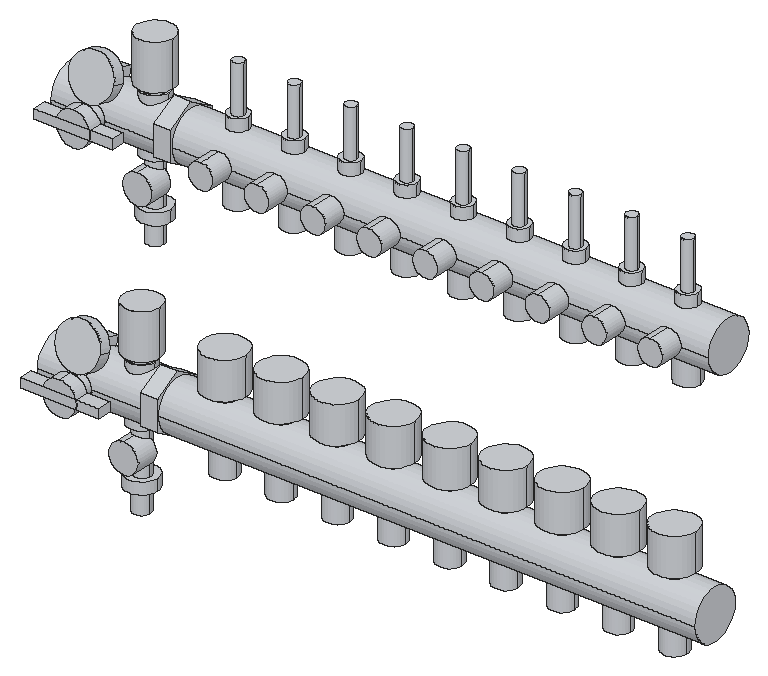
Revit family "318_f16c880827e94962872f661bd91b43", category Pipe Accessories, Revit 2017
Family settings
  Round Connector Dimension = Use Diameter
  Part Type = Valve - Normal
  Work Plane-Based = No
  Always vertical = Yes
  Cut with Voids When Loaded = No
  Shared = No
Parameters (values of type "R553FK109")
  magi_piping_qv_2_9 [instance] = 0.0 L/s
  magi_piping_qv_2_8 [instance] = 0.0 L/s
  magi_piping_qv_2_7 [instance] = 0.0 L/s
  magi_piping_qv_2_6 [instance] = 0.0 L/s
  magi_piping_qv_2_5 [instance] = 0.0 L/s
  magi_piping_qv_2_4 [instance] = 0.0 L/s
  magi_piping_qv_2_3 [instance] = 0.0 L/s
  magi_piping_qv_2_2 [instance] = 0.0 L/s
  magi_piping_qv_2_1 [instance] = 0.0 L/s
  magi_piping_qv_1_9 [instance] = 0.0 L/s
  magi_piping_qv_1_8 [instance] = 0.0 L/s
  magi_piping_qv_1_7 [instance] = 0.0 L/s
  magi_piping_qv_1_6 [instance] = 0.0 L/s
  magi_piping_qv_1_5 [instance] = 0.0 L/s
  magi_piping_qv_1_4 [instance] = 0.0 L/s
  magi_piping_qv_1_3 [instance] = 0.0 L/s
  magi_piping_qv_1_2 [instance] = 0.0 L/s
  magi_piping_qv_1_1 [instance] = 0.0 L/s
  magi_piping_qv [instance] = 0.0 L/s
  magi_piping_power_9 [instance] = 0 W
  magi_piping_power_8 [instance] = 0 W
  magi_piping_power_7 [instance] = 0 W
  magi_piping_power_6 [instance] = 0 W
  magi_piping_power_5 [instance] = 0 W
  magi_piping_power_4 [instance] = 0 W
  magi_piping_power_3 [instance] = 0 W
  magi_piping_power_2 [instance] = 0 W
  magi_piping_power_1 [instance] = 0 W
  magi_piping_kv_9 [instance] = 0
  magi_piping_kv_8 [instance] = 0
  magi_piping_kv_7 [instance] = 0
  magi_piping_kv_6 [instance] = 0
  magi_piping_kv_5 [instance] = 0
  magi_piping_kv_4 [instance] = 0
  magi_piping_kv_3 [instance] = 0
  magi_piping_kv_2 [instance] = 0
  magi_piping_kv_1 [instance] = 0
  magi_piping_dpTot_9 [instance] = 0.0 Pa
  magi_piping_dpTot_8 [instance] = 0.0 Pa
  magi_piping_dpTot_7 [instance] = 0.0 Pa
  magi_piping_dpTot_6 [instance] = 0.0 Pa
  magi_piping_dpTot_5 [instance] = 0.0 Pa
  magi_piping_dpTot_4 [instance] = 0.0 Pa
  magi_piping_dpTot_3 [instance] = 0.0 Pa
  magi_piping_dpTot_2 [instance] = 0.0 Pa
  magi_piping_dpTot_1 [instance] = 0.0 Pa
  magi_adjustmentValue_9 [instance] = ""
  magi_adjustmentValue_8 [instance] = ""
  magi_adjustmentValue_7 [instance] = ""
  magi_adjustmentValue_6 [instance] = ""
  magi_adjustmentValue_5 [instance] = ""
  magi_adjustmentValue_4 [instance] = ""
  magi_adjustmentValue_3 [instance] = ""
  magi_adjustmentValue_2 [instance] = ""
  magi_adjustmentValue_1 [instance] = ""
  magiProductId = "f16c880827e94962872f661bd91b43"
  magiProductFamilyId = "f16c880827e94962872f661bd91b43"
  magiProductCode = "R553FK109"
  magiPartTypeId = 318
  Y = 15 mm
  VersionID = "2.0/2016.10.37.0/GIACOMINI_R553FK_001"
  URL = "http://www.giacomini.com/en"
  SMP = 25 mm
  SBP9 = 18 mm
  SBP8 = 18 mm
  SBP7 = 18 mm
  SBP6 = 18 mm
  SBP5 = 18 mm
  SBP4 = 18 mm
  SBP3 = 18 mm
  SBP2 = 18 mm
  SBP12 = 18 mm
  SBP11 = 18 mm
  SBP10 = 18 mm
  SBP1 = 18 mm
  RMP = 25 mm
  RBP9 = 18 mm
  RBP8 = 18 mm
  RBP7 = 18 mm
  RBP6 = 18 mm
  RBP5 = 18 mm
  RBP4 = 18 mm
  RBP3 = 18 mm
  RBP2 = 18 mm
  RBP12 = 18 mm
  RBP11 = 18 mm
  RBP10 = 18 mm
  RBP1 = 18 mm
  R2 = 22 mm
  QmdConnectorList = "321;SMP;322;SBP1;323;SBP2;324;SBP3;325;SBP4;326;SBP5;327;SBP6;328;SBP7;329;SBP8;330;SBP9;351;RMP;352;RBP1;353;RBP2;354;RBP3;355;RBP4;356;RBP5;357;RBP6;358;RBP7;359;RBP8;360;RBP9"
  Productdata [instance] = "© Progman Oy, all rights reserved"
  N9 = yes
  N8 = yes
  N7 = yes
  N6 = yes
  N5 = yes
  N4 = yes
  N3 = yes
  N12 = no
  N11 = no
  N10 = no
  Manufacturer = "Giacomini"
  MC_Default_elevation = 0 mm
  L = 585 mm
  I = 50 mm
  H5 = 33 mm
  H4 = 5 mm
  H3__ve = -H3  # -40 mm
  H3 = 40 mm
  H2__ve = -H2  # -20 mm
  H2 = 20 mm
  H12 = 42 mm
  H11 = 10 mm
  Flow supply main [instance] = Flow supply 1 + Flow supply 2 + Flow supply 3 + Flow supply 4 + Flow supply 5 + Flow supply 6 + Flow supply 7 + Flow supply 8 + Flow supply 9  # 0.0 L/s
  Flow supply 9 [instance] = 0.0 L/s
  Flow supply 8 [instance] = 0.0 L/s
  Flow supply 7 [instance] = 0.0 L/s
  Flow supply 6 [instance] = 0.0 L/s
  Flow supply 5 [instance] = 0.0 L/s
  Flow supply 4 [instance] = 0.0 L/s
  Flow supply 3 [instance] = 0.0 L/s
  Flow supply 2 [instance] = 0.0 L/s
  Flow supply 1 [instance] = 0.0 L/s
  Flow return main [instance] = Flow return 1 + Flow return 2 + Flow return 3 + Flow return 4 + Flow return 5 + Flow return 6 + Flow return 7 + Flow return 8 + Flow return 9  # 0.0 L/s
  Flow return 9 [instance] = 0.0 L/s
  Flow return 8 [instance] = 0.0 L/s
  Flow return 7 [instance] = 0.0 L/s
  Flow return 6 [instance] = 0.0 L/s
  Flow return 5 [instance] = 0.0 L/s
  Flow return 4 [instance] = 0.0 L/s
  Flow return 3 [instance] = 0.0 L/s
  Flow return 2 [instance] = 0.0 L/s
  Flow return 1 [instance] = 0.0 L/s
  E = 208 mm
  Description = "PREASSEMBLED MANIFOLD KIT WITH FLOW METERS"
  D5 = 38 mm
  D4 = 22 mm
  D32 = 10 mm
  D31 = 18 mm
  D2 = 44 mm
  CAT0 = yes
  A = 149 mm
Reference planes
  plane 1 "Center (Front/Back)": y = 0
  plane 2 "XYPLANE": z = 0
  plane 3 "Center (Left/Right)": x = 0
  plane 4 "INIT_TEMP": y = 100
  plane 5 "414": y = -48
  plane 6 "413": z = -178
  plane 7 "412": y = -30
  plane 8 "411": z = -178
  plane 9 "410": z = -274
  plane 10 "409": z = -254
  plane 11 "408": z = -234
  plane 12 "407": z = -177
  plane 13 "406": z = -182
  plane 14 "405": y = -15
  plane 15 "404": z = 30
  plane 16 "403": y = -33
  plane 17 "402": x = 38
  plane 18 "401": z = 30
  plane 19 "400": z = -66
  plane 20 "399": z = -46
  plane 21 "398": z = -26
  plane 22 "397": z = 31
  plane 23 "396": x = 92
  plane 24 "395": z = 26
  plane 25 "394": x = 75
  plane 26 "393": z = -248
  plane 27 "392": z = -181
  plane 28 "391": z = -186
  plane 29 "390": z = -40
  plane 30 "389": x = 0
  plane 31 "388": y = 0
  plane 32 "387": y = -15
  plane 33 "386": z = -208
  plane 34 "385": z = 0
  plane 35 "384": z = 22
  plane 36 "383": x = 149
  plane 37 "382": x = 199
  plane 38 "381": y = -22
  plane 39 "380": x = 249
  plane 40 "379": z = 32
  plane 41 "378": x = 299
  plane 42 "377": x = 349
  plane 43 "376": x = 399
  plane 44 "375": x = 449
  plane 45 "374": x = 499
  plane 46 "373": x = 549
  plane 47 "372": x = 599
  plane 48 "371": x = 649
  plane 49 "370": x = 699
  plane 50 "1126": through (-712, -15, -178) normal (0, -0.2588, -0.9659)
  plane 51 "1127": through (-712, -30, -178) normal (0, 0.9659, -0.2588)
  plane 52 "1128": through (-712, -15, 30) normal (0, -0.9659, 0.2588)
  plane 53 "1129": through (-712, 0, 30) normal (0, 0.2588, 0.9659)
Forms (mm)
  Extrusion 1, solid
    sketch origin (750, -48, 0) x (-1, 0, 0) y (0, 0, 1)
      loop
        circle (712, -208) r 15
    from 0 to -12
  Extrusion 2, solid
    sketch origin (-712, -15, -178) x (1, 0, 0) y (0, -0.965926, 0.258819)
      loop
        line (746, -15) -> (754, -15) -> (754, 15) -> (746, 15) -> (746, -15)
    from 0 to 18
  Extrusion 3, solid
    sketch origin (750, -15, 0) x (-1, 0, 0) y (0, 0, 1)
      loop
        circle (712, -208) r 9
    from 0 to -33
  Extrusion 4, solid
    sketch origin (750, -48, 0) x (-1, 0, 0) y (0, 0, 1)
      loop
        line (677, -204) -> (677, -212) -> (747, -212) -> (747, -204) -> (677, -204)
    from 0 to -12
  Extrusion 5, solid
    sketch origin (-712, -30, -178) x (1, 0, 0) y (0, -0.258819, -0.965926)
      loop
        circle (750, 0) r 20
    from 0 to -10
  Extrusion 6, solid
    sketch origin (-750, 0, -182) x (1, 0, 0) y (0, 1, 0)
      loop
        circle (825, -15) r 12
    from 0 to -52
  Extrusion 7, solid
    sketch origin (92, -750, 0) x (0, 1, 0) y (0, 0, 1)
      loop
        line (735, -182) -> (712.483, -195) -> (712.483, -221) -> (735, -234) -> (757.517, -221) -> (757.517, -195) -> (735, -182)
    from 0 to 15
  Extrusion 8, solid
    sketch origin (-750, 0, -182) x (1, 0, 0) y (0, 1, 0)
      loop
        circle (825, -15) r 10
    from 0 to 5
  Extrusion 9, solid
    sketch origin (-750, 0, -177) x (1, 0, 0) y (0, 1, 0)
      loop
        circle (825, -15) r 16
    from 0 to 40
  Extrusion 10, solid
    sketch origin (-750, 0, -234) x (1, 0, 0) y (0, 1, 0)
      loop
        circle (825, -15) r 7.5
    from 0 to -70
  Extrusion 11, solid
    sketch origin (750, -15, 0) x (-1, 0, 0) y (0, 0, 1)
      loop
        circle (675, -254) r 13
    from 0 to -20
  Extrusion 12, solid
    sketch origin (-750, 0, -274) x (1, 0, 0) y (0, 1, 0)
      loop
        circle (825, -15) r 14
    from 0 to -10
  Extrusion 13, solid
    sketch origin (-712, -15, 30) x (1, 0, 0) y (0, 0.258819, 0.965926)
      loop
        circle (750, 0) r 20
    from 0 to 10
  Extrusion 14, solid
    sketch origin (750, -33, 0) x (-1, 0, 0) y (0, 0, 1)
      loop
        line (677, 4) -> (677, -4) -> (747, -4) -> (747, 4) -> (677, 4)
    from 0 to -12
  Extrusion 15, solid
    sketch origin (750, 0, 0) x (-1, 0, 0) y (0, 0, 1)
      loop
        circle (712, 0) r 9
    from 0 to -33
  Extrusion 16, solid
    sketch origin (-712, 0, 30) x (1, 0, 0) y (0, 0.965926, -0.258819)
      loop
        line (746, 15) -> (746, -15) -> (754, -15) -> (754, 15) -> (746, 15)
    from 0 to -18
  Extrusion 17, solid
    sketch origin (750, -33, 0) x (-1, 0, 0) y (0, 0, 1)
      loop
        circle (712, 0) r 15
    from 0 to -12
  Extrusion 18, solid
    sketch origin (-750, 0, -66) x (1, 0, 0) y (0, 1, 0)
      loop
        circle (825, 0) r 14
    from 0 to -10
  Extrusion 19, solid
    sketch origin (750, 0, 0) x (-1, 0, 0) y (0, 0, 1)
      loop
        circle (675, -46) r 13
    from 0 to -20
  Extrusion 20, solid
    sketch origin (-750, 0, -26) x (1, 0, 0) y (0, 1, 0)
      loop
        circle (825, 0) r 7.5
    from 0 to -70
  Extrusion 21, solid
    sketch origin (-750, 0, 31) x (1, 0, 0) y (0, 1, 0)
      loop
        circle (825, 0) r 16
    from 0 to 40
  Extrusion 22, solid
    sketch origin (-750, 0, 26) x (1, 0, 0) y (0, 1, 0)
      loop
        circle (825, 0) r 10
    from 0 to 5
  Extrusion 23, solid
    sketch origin (92, -750, 0) x (0, 1, 0) y (0, 0, 1)
      loop
        line (750, 26) -> (727.483, 13) -> (727.483, -13) -> (750, -26) -> (772.517, -13) -> (772.517, 13) -> (750, 26)
    from 0 to 15
  Extrusion 24, solid
    sketch origin (-750, 0, 26) x (1, 0, 0) y (0, 1, 0)
      loop
        circle (825, 0) r 12
    from 0 to -52
  Extrusion 25, solid, visible <- "N10"
    sketch origin (-750, 0, -208) x (1, 0, 0) y (0, 1, 0)
      loop
        circle (1349, -15) r 11
    from 0 to -40 <- "H3__ve"
  Extrusion 26, solid, visible <- "N10"
    sketch origin (-750, 0, -186) x (1, 0, 0) y (0, 1, 0)
      loop
        circle (1349, -15) r 11
    from 0 to 5 <- "H4"
  Extrusion 27, solid, visible <- "N10"
    sketch origin (-750, 0, -181) x (1, 0, 0) y (0, 1, 0)
      loop
        circle (1349, -15) r 19
    from 0 to 33 <- "H5"
  Extrusion 28, solid, visible <- "N12"
    sketch origin (-750, 0, -181) x (1, 0, 0) y (0, 1, 0)
      loop
        circle (1449, -15) r 19
    from 0 to 33 <- "H5"
  Extrusion 29, solid, visible <- "N12"
    sketch origin (-750, 0, -186) x (1, 0, 0) y (0, 1, 0)
      loop
        circle (1449, -15) r 11
    from 0 to 5 <- "H4"
  Extrusion 30, solid, visible <- "N12"
    sketch origin (-750, 0, -208) x (1, 0, 0) y (0, 1, 0)
      loop
        circle (1449, -15) r 11
    from 0 to -40 <- "H3__ve"
  Extrusion 31, solid, visible <- "N11"
    sketch origin (-750, 0, -208) x (1, 0, 0) y (0, 1, 0)
      loop
        circle (1399, -15) r 11
    from 0 to -40 <- "H3__ve"
  Extrusion 32, solid, visible <- "N11"
    sketch origin (-750, 0, -186) x (1, 0, 0) y (0, 1, 0)
      loop
        circle (1399, -15) r 11
    from 0 to 5 <- "H4"
  Extrusion 33, solid, visible <- "N11"
    sketch origin (-750, 0, -181) x (1, 0, 0) y (0, 1, 0)
      loop
        circle (1399, -15) r 19
    from 0 to 33 <- "H5"
  Extrusion 34, solid, visible <- "N8"
    sketch origin (-750, 0, -181) x (1, 0, 0) y (0, 1, 0)
      loop
        circle (1249, -15) r 19
    from 0 to 33 <- "H5"
  Extrusion 35, solid, visible <- "N8"
    sketch origin (-750, 0, -186) x (1, 0, 0) y (0, 1, 0)
      loop
        circle (1249, -15) r 11
    from 0 to 5 <- "H4"
  Extrusion 36, solid, visible <- "N8"
    sketch origin (-750, 0, -208) x (1, 0, 0) y (0, 1, 0)
      loop
        circle (1249, -15) r 11
    from 0 to -40 <- "H3__ve"
  Extrusion 37, solid, visible <- "N9"
    sketch origin (-750, 0, -208) x (1, 0, 0) y (0, 1, 0)
      loop
        circle (1299, -15) r 11
    from 0 to -40 <- "H3__ve"
  Extrusion 38, solid, visible <- "N9"
    sketch origin (-750, 0, -186) x (1, 0, 0) y (0, 1, 0)
      loop
        circle (1299, -15) r 11
    from 0 to 5 <- "H4"
  Extrusion 39, solid, visible <- "N9"
    sketch origin (-750, 0, -181) x (1, 0, 0) y (0, 1, 0)
      loop
        circle (1299, -15) r 19
    from 0 to 33 <- "H5"
  Extrusion 40, solid, visible <- "N7"
    sketch origin (-750, 0, -181) x (1, 0, 0) y (0, 1, 0)
      loop
        circle (1199, -15) r 19
    from 0 to 33 <- "H5"
  Extrusion 41, solid, visible <- "N7"
    sketch origin (-750, 0, -186) x (1, 0, 0) y (0, 1, 0)
      loop
        circle (1199, -15) r 11
    from 0 to 5 <- "H4"
  Extrusion 42, solid, visible <- "N7"
    sketch origin (-750, 0, -208) x (1, 0, 0) y (0, 1, 0)
      loop
        circle (1199, -15) r 11
    from 0 to -40 <- "H3__ve"
  Extrusion 43, solid, visible <- "N6"
    sketch origin (-750, 0, -208) x (1, 0, 0) y (0, 1, 0)
      loop
        circle (1149, -15) r 11
    from 0 to -40 <- "H3__ve"
  Extrusion 44, solid, visible <- "N6"
    sketch origin (-750, 0, -186) x (1, 0, 0) y (0, 1, 0)
      loop
        circle (1149, -15) r 11
    from 0 to 5 <- "H4"
  Extrusion 45, solid, visible <- "N6"
    sketch origin (-750, 0, -181) x (1, 0, 0) y (0, 1, 0)
      loop
        circle (1149, -15) r 19
    from 0 to 33 <- "H5"
  Extrusion 46, solid, visible <- "N5"
    sketch origin (-750, 0, -181) x (1, 0, 0) y (0, 1, 0)
      loop
        circle (1099, -15) r 19
    from 0 to 33 <- "H5"
  Extrusion 47, solid, visible <- "N5"
    sketch origin (-750, 0, -186) x (1, 0, 0) y (0, 1, 0)
      loop
        circle (1099, -15) r 11
    from 0 to 5 <- "H4"
  Extrusion 48, solid, visible <- "N5"
    sketch origin (-750, 0, -208) x (1, 0, 0) y (0, 1, 0)
      loop
        circle (1099, -15) r 11
    from 0 to -40 <- "H3__ve"
  Extrusion 49, solid, visible <- "N4"
    sketch origin (-750, 0, -208) x (1, 0, 0) y (0, 1, 0)
      loop
        circle (1049, -15) r 11
    from 0 to -40 <- "H3__ve"
  Extrusion 50, solid, visible <- "N4"
    sketch origin (-750, 0, -186) x (1, 0, 0) y (0, 1, 0)
      loop
        circle (1049, -15) r 11
    from 0 to 5 <- "H4"
  Extrusion 51, solid, visible <- "N4"
    sketch origin (-750, 0, -181) x (1, 0, 0) y (0, 1, 0)
      loop
        circle (1049, -15) r 19
    from 0 to 33 <- "H5"
  Extrusion 52, solid, visible <- "N3"
    sketch origin (-750, 0, -181) x (1, 0, 0) y (0, 1, 0)
      loop
        circle (999, -15) r 19
    from 0 to 33 <- "H5"
  Extrusion 53, solid, visible <- "N3"
    sketch origin (-750, 0, -186) x (1, 0, 0) y (0, 1, 0)
      loop
        circle (999, -15) r 11
    from 0 to 5 <- "H4"
  Extrusion 54, solid
    sketch origin (-750, 0, -186) x (1, 0, 0) y (0, 1, 0)
      loop
        circle (949, -15) r 11
    from 0 to 5 <- "H4"
  Extrusion 55, solid
    sketch origin (-750, 0, -181) x (1, 0, 0) y (0, 1, 0)
      loop
        circle (949, -15) r 19
    from 0 to 33 <- "H5"
  Extrusion 56, solid
    sketch origin (-750, 0, -181) x (1, 0, 0) y (0, 1, 0)
      loop
        circle (899, -15) r 19
    from 0 to 33 <- "H5"
  Extrusion 57, solid
    sketch origin (-750, 0, -186) x (1, 0, 0) y (0, 1, 0)
      loop
        circle (899, -15) r 11
    from 0 to 5 <- "H4"
  Extrusion 58, solid, visible <- "N3"
    sketch origin (-750, 0, -208) x (1, 0, 0) y (0, 1, 0)
      loop
        circle (999, -15) r 11
    from 0 to -40 <- "H3__ve"
  Extrusion 59, solid
    sketch origin (-750, 0, -208) x (1, 0, 0) y (0, 1, 0)
      loop
        circle (899, -15) r 11
    from 0 to -40 <- "H3__ve"
  Extrusion 60, solid
    sketch origin (-750, 0, -208) x (1, 0, 0) y (0, 1, 0)
      loop
        circle (949, -15) r 11
    from 0 to -40 <- "H3__ve"
  Extrusion 61, solid, visible <- "CAT0"
    sketch origin (0, -750, 0) x (0, 1, 0) y (0, 0, 1)
      loop
        circle (735, -208) r 22
    from 0 to 585 <- "L"
  Extrusion 62, solid, visible <- "N8"
    sketch origin (-750, 0, 0) x (1, 0, 0) y (0, 1, 0)
      loop
        circle (1249, 0) r 11
    from 0 to -40 <- "H3__ve"
  Extrusion 63, solid, visible <- "N9"
    sketch origin (-750, 0, 0) x (1, 0, 0) y (0, 1, 0)
      loop
        circle (1299, 0) r 11
    from 0 to -40 <- "H3__ve"
  Extrusion 64, solid, visible <- "N10"
    sketch origin (-750, 0, 0) x (1, 0, 0) y (0, 1, 0)
      loop
        circle (1349, 0) r 11
    from 0 to -40 <- "H3__ve"
  Extrusion 65, solid, visible <- "N11"
    sketch origin (-750, 0, 0) x (1, 0, 0) y (0, 1, 0)
      loop
        circle (1399, 0) r 11
    from 0 to -40 <- "H3__ve"
  Extrusion 66, solid, visible <- "N12"
    sketch origin (-750, 0, 0) x (1, 0, 0) y (0, 1, 0)
      loop
        circle (1449, 0) r 11
    from 0 to -40 <- "H3__ve"
  Extrusion 67, solid, visible <- "N7"
    sketch origin (-750, 0, 0) x (1, 0, 0) y (0, 1, 0)
      loop
        circle (1199, 0) r 11
    from 0 to -40 <- "H3__ve"
  Extrusion 68, solid, visible <- "N6"
    sketch origin (-750, 0, 0) x (1, 0, 0) y (0, 1, 0)
      loop
        circle (1149, 0) r 11
    from 0 to -40 <- "H3__ve"
  Extrusion 69, solid, visible <- "N5"
    sketch origin (-750, 0, 0) x (1, 0, 0) y (0, 1, 0)
      loop
        circle (1099, 0) r 11
    from 0 to -40 <- "H3__ve"
  Extrusion 70, solid, visible <- "N4"
    sketch origin (-750, 0, 0) x (1, 0, 0) y (0, 1, 0)
      loop
        circle (1049, 0) r 11
    from 0 to -40 <- "H3__ve"
  Extrusion 71, solid, visible <- "N3"
    sketch origin (-750, 0, 0) x (1, 0, 0) y (0, 1, 0)
      loop
        circle (999, 0) r 11
    from 0 to -40 <- "H3__ve"
  Extrusion 72, solid
    sketch origin (-750, 0, 0) x (1, 0, 0) y (0, 1, 0)
      loop
        circle (949, 0) r 11
    from 0 to -40 <- "H3__ve"
  Extrusion 73, solid
    sketch origin (-750, 0, 0) x (1, 0, 0) y (0, 1, 0)
      loop
        circle (899, 0) r 11
    from 0 to -40 <- "H3__ve"
  Extrusion 74, solid, visible <- "CAT0"
    sketch origin (0, -750, 0) x (0, 1, 0) y (0, 0, 1)
      loop
        circle (750, 0) r 22
    from 0 to 585 <- "L"
  Extrusion 75, solid
    sketch origin (-750, 0, 22) x (1, 0, 0) y (0, 1, 0)
      loop
        circle (899, 0) r 9
    from 0 to 10 <- "H11"
  Extrusion 76, solid
    sketch origin (750, -22, 0) x (-1, 0, 0) y (0, 0, 1)
      loop
        circle (601, 0) r 11
    from 0 to -20 <- "H2__ve"
  Extrusion 77, solid
    sketch origin (750, -22, 0) x (-1, 0, 0) y (0, 0, 1)
      loop
        circle (551, 0) r 11
    from 0 to -20 <- "H2__ve"
  Extrusion 78, solid, visible <- "N3"
    sketch origin (750, -22, 0) x (-1, 0, 0) y (0, 0, 1)
      loop
        circle (501, 0) r 11
    from 0 to -20 <- "H2__ve"
  Extrusion 79, solid
    sketch origin (-750, 0, 32) x (1, 0, 0) y (0, 1, 0)
      loop
        circle (899, 0) r 5
    from 0 to 42 <- "H12"
  Extrusion 80, solid
    sketch origin (-750, 0, 32) x (1, 0, 0) y (0, 1, 0)
      loop
        circle (949, 0) r 5
    from 0 to 42 <- "H12"
  Extrusion 81, solid
    sketch origin (-750, 0, 22) x (1, 0, 0) y (0, 1, 0)
      loop
        circle (949, 0) r 9
    from 0 to 10 <- "H11"
  Extrusion 82, solid, visible <- "N3"
    sketch origin (-750, 0, 22) x (1, 0, 0) y (0, 1, 0)
      loop
        circle (999, 0) r 9
    from 0 to 10 <- "H11"
  Extrusion 83, solid, visible <- "N3"
    sketch origin (-750, 0, 32) x (1, 0, 0) y (0, 1, 0)
      loop
        circle (999, 0) r 5
    from 0 to 42 <- "H12"
  Extrusion 84, solid, visible <- "N4"
    sketch origin (-750, 0, 32) x (1, 0, 0) y (0, 1, 0)
      loop
        circle (1049, 0) r 5
    from 0 to 42 <- "H12"
  Extrusion 85, solid, visible <- "N4"
    sketch origin (-750, 0, 22) x (1, 0, 0) y (0, 1, 0)
      loop
        circle (1049, 0) r 9
    from 0 to 10 <- "H11"
  Extrusion 86, solid, visible <- "N4"
    sketch origin (750, -22, 0) x (-1, 0, 0) y (0, 0, 1)
      loop
        circle (451, 0) r 11
    from 0 to -20 <- "H2__ve"
  Extrusion 87, solid, visible <- "N5"
    sketch origin (750, -22, 0) x (-1, 0, 0) y (0, 0, 1)
      loop
        circle (401, 0) r 11
    from 0 to -20 <- "H2__ve"
  Extrusion 88, solid, visible <- "N5"
    sketch origin (-750, 0, 22) x (1, 0, 0) y (0, 1, 0)
      loop
        circle (1099, 0) r 9
    from 0 to 10 <- "H11"
  Extrusion 89, solid, visible <- "N5"
    sketch origin (-750, 0, 32) x (1, 0, 0) y (0, 1, 0)
      loop
        circle (1099, 0) r 5
    from 0 to 42 <- "H12"
  Extrusion 90, solid, visible <- "N6"
    sketch origin (-750, 0, 32) x (1, 0, 0) y (0, 1, 0)
      loop
        circle (1149, 0) r 5
    from 0 to 42 <- "H12"
  Extrusion 91, solid, visible <- "N6"
    sketch origin (-750, 0, 22) x (1, 0, 0) y (0, 1, 0)
      loop
        circle (1149, 0) r 9
    from 0 to 10 <- "H11"
  Extrusion 92, solid, visible <- "N6"
    sketch origin (750, -22, 0) x (-1, 0, 0) y (0, 0, 1)
      loop
        circle (351, 0) r 11
    from 0 to -20 <- "H2__ve"
  Extrusion 93, solid, visible <- "N7"
    sketch origin (750, -22, 0) x (-1, 0, 0) y (0, 0, 1)
      loop
        circle (301, 0) r 11
    from 0 to -20 <- "H2__ve"
  Extrusion 94, solid, visible <- "N7"
    sketch origin (-750, 0, 22) x (1, 0, 0) y (0, 1, 0)
      loop
        circle (1199, 0) r 9
    from 0 to 10 <- "H11"
  Extrusion 95, solid, visible <- "N7"
    sketch origin (-750, 0, 32) x (1, 0, 0) y (0, 1, 0)
      loop
        circle (1199, 0) r 5
    from 0 to 42 <- "H12"
  Extrusion 96, solid, visible <- "N8"
    sketch origin (-750, 0, 32) x (1, 0, 0) y (0, 1, 0)
      loop
        circle (1249, 0) r 5
    from 0 to 42 <- "H12"
  Extrusion 97, solid, visible <- "N8"
    sketch origin (-750, 0, 22) x (1, 0, 0) y (0, 1, 0)
      loop
        circle (1249, 0) r 9
    from 0 to 10 <- "H11"
  Extrusion 98, solid, visible <- "N8"
    sketch origin (750, -22, 0) x (-1, 0, 0) y (0, 0, 1)
      loop
        circle (251, 0) r 11
    from 0 to -20 <- "H2__ve"
  Extrusion 99, solid, visible <- "N10"
    sketch origin (750, -22, 0) x (-1, 0, 0) y (0, 0, 1)
      loop
        circle (151, 0) r 11
    from 0 to -20 <- "H2__ve"
  Extrusion 100, solid, visible <- "N10"
    sketch origin (-750, 0, 22) x (1, 0, 0) y (0, 1, 0)
      loop
        circle (1349, 0) r 9
    from 0 to 10 <- "H11"
  Extrusion 101, solid, visible <- "N10"
    sketch origin (-750, 0, 32) x (1, 0, 0) y (0, 1, 0)
      loop
        circle (1349, 0) r 5
    from 0 to 42 <- "H12"
  Extrusion 102, solid, visible <- "N9"
    sketch origin (-750, 0, 32) x (1, 0, 0) y (0, 1, 0)
      loop
        circle (1299, 0) r 5
    from 0 to 42 <- "H12"
  Extrusion 103, solid, visible <- "N9"
    sketch origin (-750, 0, 22) x (1, 0, 0) y (0, 1, 0)
      loop
        circle (1299, 0) r 9
    from 0 to 10 <- "H11"
  Extrusion 104, solid, visible <- "N9"
    sketch origin (750, -22, 0) x (-1, 0, 0) y (0, 0, 1)
      loop
        circle (201, 0) r 11
    from 0 to -20 <- "H2__ve"
  Extrusion 105, solid, visible <- "N11"
    sketch origin (-750, 0, 32) x (1, 0, 0) y (0, 1, 0)
      loop
        circle (1399, 0) r 5
    from 0 to 42 <- "H12"
  Extrusion 106, solid, visible <- "N11"
    sketch origin (-750, 0, 22) x (1, 0, 0) y (0, 1, 0)
      loop
        circle (1399, 0) r 9
    from 0 to 10 <- "H11"
  Extrusion 107, solid, visible <- "N11"
    sketch origin (750, -22, 0) x (-1, 0, 0) y (0, 0, 1)
      loop
        circle (101, 0) r 11
    from 0 to -20 <- "H2__ve"
  Extrusion 108, solid, visible <- "N12"
    sketch origin (750, -22, 0) x (-1, 0, 0) y (0, 0, 1)
      loop
        circle (51, 0) r 11
    from 0 to -20 <- "H2__ve"
  Extrusion 109, solid, visible <- "N12"
    sketch origin (-750, 0, 22) x (1, 0, 0) y (0, 1, 0)
      loop
        circle (1449, 0) r 9
    from 0 to 10 <- "H11"
  Extrusion 110, solid, visible <- "N12"
    sketch origin (-750, 0, 32) x (1, 0, 0) y (0, 1, 0)
      loop
        circle (1449, 0) r 5
    from 0 to 42 <- "H12"
  Extrusion 111, solid, not visible
    sketch origin (-750, 0, -248) x (1, 0, 0) y (0, 1, 0)
      loop
        circle (1249, -15) r 10
    from 0 to 10
  Extrusion 112, solid, not visible
    sketch origin (-750, 0, -248) x (1, 0, 0) y (0, 1, 0)
      loop
        circle (1299, -15) r 10
    from 0 to 10
  Extrusion 113, solid, not visible
    sketch origin (-750, 0, -248) x (1, 0, 0) y (0, 1, 0)
      loop
        circle (1199, -15) r 10
    from 0 to 10
  Extrusion 114, solid, not visible
    sketch origin (-750, 0, -248) x (1, 0, 0) y (0, 1, 0)
      loop
        circle (1149, -15) r 10
    from 0 to 10
  Extrusion 115, solid, not visible
    sketch origin (-750, 0, -248) x (1, 0, 0) y (0, 1, 0)
      loop
        circle (1099, -15) r 10
    from 0 to 10
  Extrusion 116, solid, not visible
    sketch origin (-750, 0, -248) x (1, 0, 0) y (0, 1, 0)
      loop
        circle (1049, -15) r 10
    from 0 to 10
  Extrusion 117, solid, not visible
    sketch origin (-750, 0, -248) x (1, 0, 0) y (0, 1, 0)
      loop
        circle (949, -15) r 10
    from 0 to 10
  Extrusion 118, solid, not visible
    sketch origin (-750, 0, -248) x (1, 0, 0) y (0, 1, 0)
      loop
        circle (899, -15) r 10
    from 0 to 10
  Extrusion 119, solid, not visible
    sketch origin (-750, 0, -248) x (1, 0, 0) y (0, 1, 0)
      loop
        circle (999, -15) r 10
    from 0 to 10
  Extrusion 120, solid, not visible
    sketch origin (-750, 0, -40) x (1, 0, 0) y (0, 1, 0)
      loop
        circle (1249, 0) r 10
    from 0 to 10
  Extrusion 121, solid, not visible
    sketch origin (-750, 0, -40) x (1, 0, 0) y (0, 1, 0)
      loop
        circle (1299, 0) r 10
    from 0 to 10
  Extrusion 122, solid, not visible
    sketch origin (-750, 0, -40) x (1, 0, 0) y (0, 1, 0)
      loop
        circle (1199, 0) r 10
    from 0 to 10
  Extrusion 123, solid, not visible
    sketch origin (-750, 0, -40) x (1, 0, 0) y (0, 1, 0)
      loop
        circle (1149, 0) r 10
    from 0 to 10
  Extrusion 124, solid, not visible
    sketch origin (-750, 0, -40) x (1, 0, 0) y (0, 1, 0)
      loop
        circle (1099, 0) r 10
    from 0 to 10
  Extrusion 125, solid, not visible
    sketch origin (-750, 0, -40) x (1, 0, 0) y (0, 1, 0)
      loop
        circle (1049, 0) r 10
    from 0 to 10
  Extrusion 126, solid, not visible
    sketch origin (-750, 0, -40) x (1, 0, 0) y (0, 1, 0)
      loop
        circle (999, 0) r 10
    from 0 to 10
  Extrusion 127, solid, not visible
    sketch origin (0, -750, 0) x (0, 1, 0) y (0, 0, 1)
      loop
        circle (750, 0) r 10
    from 0 to 10
  Extrusion 128, solid, not visible
    sketch origin (0, -750, 0) x (0, 1, 0) y (0, 0, 1)
      loop
        circle (735, -208) r 10
    from 0 to 10
  Extrusion 129, solid, not visible
    sketch origin (-750, 0, -40) x (1, 0, 0) y (0, 1, 0)
      loop
        circle (899, 0) r 10
    from 0 to 10
  Extrusion 130, solid, not visible
    sketch origin (-750, 0, -40) x (1, 0, 0) y (0, 1, 0)
      loop
        circle (949, 0) r 10
    from 0 to 10
Text (mm)
  text "© Progman Oy, all rights reserved" at (-472.209, -2482.653, 0), in view "Ref. Level"
Dimensions and locks
  plane 4 "INIT_TEMP" to plane 1 "Center (Front/Back)" = 100 mm
  locked: plane 32 "387" to plane 5 "414" at 33
  locked: plane 33 "386" to plane 6 "413" at 30
  locked: plane 32 "387" to plane 7 "412" at 15
  locked: plane 33 "386" to plane 8 "411" at 30
  locked: plane 11 "408" to plane 9 "410" at 40
  locked: plane 11 "408" to plane 10 "409" at 20
  locked: plane 13 "406" to plane 11 "408" at 52
  locked: plane 13 "406" to plane 12 "407" at 5
  locked: plane 33 "386" to plane 13 "406" at 26
  locked: plane 1 "Center (Front/Back)" to plane 14 "405" at 15
  locked: plane 2 "XYPLANE" to plane 15 "404" at 30
  locked: plane 1 "Center (Front/Back)" to plane 16 "403" at 33
  locked: plane 3 "Center (Left/Right)" to plane 17 "402" at 38
  locked: plane 2 "XYPLANE" to plane 18 "401" at 30
  locked: plane 21 "398" to plane 19 "400" at 40
  locked: plane 21 "398" to plane 20 "399" at 20
  locked: plane 24 "395" to plane 21 "398" at 52
  locked: plane 24 "395" to plane 22 "397" at 5
  locked: plane 25 "394" to plane 23 "396" at 17
  locked: plane 2 "XYPLANE" to plane 24 "395" at 26
  locked: plane 3 "Center (Left/Right)" to plane 25 "394" at 75
  "H3": plane 33 "386" to plane 26 "393"
  "H4": plane 28 "391" to plane 27 "392"
  "R2": plane 33 "386" to plane 28 "391"
  "H3": plane 2 "XYPLANE" to plane 29 "390"
  locked: plane 3 "Center (Left/Right)" to plane 30 "389"
  locked: plane 1 "Center (Front/Back)" to plane 31 "388"
  "Y": plane 1 "Center (Front/Back)" to plane 32 "387"
  "E": plane 2 "XYPLANE" to plane 33 "386"
  locked: plane 2 "XYPLANE" to plane 34 "385"
  "R2": plane 2 "XYPLANE" to plane 35 "384"
  "A": plane 3 "Center (Left/Right)" to plane 36 "383"
  "I": plane 36 "383" to plane 37 "382"
  "R2": plane 1 "Center (Front/Back)" to plane 38 "381"
  "I": plane 37 "382" to plane 39 "380"
  "H11": plane 35 "384" to plane 40 "379"
  "I": plane 39 "380" to plane 41 "378"
  "I": plane 41 "378" to plane 42 "377"
  "I": plane 42 "377" to plane 43 "376"
  "I": plane 43 "376" to plane 44 "375"
  "I": plane 44 "375" to plane 45 "374"
  "I": plane 45 "374" to plane 46 "373"
  "I": plane 46 "373" to plane 47 "372"
  "I": plane 47 "372" to plane 48 "371"
  "I": plane 48 "371" to plane 49 "370"
  "D4": diameter of Extrusion 25 sketch curve
  "D4": diameter of Extrusion 26 sketch curve
  "D5": diameter of Extrusion 27 sketch curve
  "D5": diameter of Extrusion 28 sketch curve
  "D4": diameter of Extrusion 29 sketch curve
  "D4": diameter of Extrusion 30 sketch curve
  "D4": diameter of Extrusion 31 sketch curve
  "D4": diameter of Extrusion 32 sketch curve
  "D5": diameter of Extrusion 33 sketch curve
  "D5": diameter of Extrusion 34 sketch curve
  "D4": diameter of Extrusion 35 sketch curve
  "D4": diameter of Extrusion 36 sketch curve
  "D4": diameter of Extrusion 37 sketch curve
  "D4": diameter of Extrusion 38 sketch curve
  "D5": diameter of Extrusion 39 sketch curve
  "D5": diameter of Extrusion 40 sketch curve
  "D4": diameter of Extrusion 41 sketch curve
  "D4": diameter of Extrusion 42 sketch curve
  "D4": diameter of Extrusion 43 sketch curve
  "D4": diameter of Extrusion 44 sketch curve
  "D5": diameter of Extrusion 45 sketch curve
  "D5": diameter of Extrusion 46 sketch curve
  "D4": diameter of Extrusion 47 sketch curve
  "D4": diameter of Extrusion 48 sketch curve
  "D4": diameter of Extrusion 49 sketch curve
  "D4": diameter of Extrusion 50 sketch curve
  "D5": diameter of Extrusion 51 sketch curve
  "D5": diameter of Extrusion 52 sketch curve
  "D4": diameter of Extrusion 53 sketch curve
  "D4": diameter of Extrusion 54 sketch curve
  "D5": diameter of Extrusion 55 sketch curve
  "D5": diameter of Extrusion 56 sketch curve
  "D4": diameter of Extrusion 57 sketch curve
  "D4": diameter of Extrusion 58 sketch curve
  "D4": diameter of Extrusion 59 sketch curve
  "D4": diameter of Extrusion 60 sketch curve
  "D2": diameter of Extrusion 61 sketch curve
  "D4": diameter of Extrusion 62 sketch curve
  "D4": diameter of Extrusion 63 sketch curve
  "D4": diameter of Extrusion 64 sketch curve
  "D4": diameter of Extrusion 65 sketch curve
  "D4": diameter of Extrusion 66 sketch curve
  "D4": diameter of Extrusion 67 sketch curve
  "D4": diameter of Extrusion 68 sketch curve
  "D4": diameter of Extrusion 69 sketch curve
  "D4": diameter of Extrusion 70 sketch curve
  "D4": diameter of Extrusion 71 sketch curve
  "D4": diameter of Extrusion 72 sketch curve
  "D4": diameter of Extrusion 73 sketch curve
  "D2": diameter of Extrusion 74 sketch curve
  "D31": diameter of Extrusion 75 sketch curve
  "D4": diameter of Extrusion 76 sketch curve
  "D4": diameter of Extrusion 77 sketch curve
  "D4": diameter of Extrusion 78 sketch curve
  "D32": diameter of Extrusion 79 sketch curve
  "D32": diameter of Extrusion 80 sketch curve
  "D31": diameter of Extrusion 81 sketch curve
  "D31": diameter of Extrusion 82 sketch curve
  "D32": diameter of Extrusion 83 sketch curve
  "D32": diameter of Extrusion 84 sketch curve
  "D31": diameter of Extrusion 85 sketch curve
  "D4": diameter of Extrusion 86 sketch curve
  "D4": diameter of Extrusion 87 sketch curve
  "D31": diameter of Extrusion 88 sketch curve
  "D32": diameter of Extrusion 89 sketch curve
  "D32": diameter of Extrusion 90 sketch curve
  "D31": diameter of Extrusion 91 sketch curve
  "D4": diameter of Extrusion 92 sketch curve
  "D4": diameter of Extrusion 93 sketch curve
  "D31": diameter of Extrusion 94 sketch curve
  "D32": diameter of Extrusion 95 sketch curve
  "D32": diameter of Extrusion 96 sketch curve
  "D31": diameter of Extrusion 97 sketch curve
  "D4": diameter of Extrusion 98 sketch curve
  "D4": diameter of Extrusion 99 sketch curve
  "D31": diameter of Extrusion 100 sketch curve
  "D32": diameter of Extrusion 101 sketch curve
  "D32": diameter of Extrusion 102 sketch curve
  "D31": diameter of Extrusion 103 sketch curve
  "D4": diameter of Extrusion 104 sketch curve
  "D32": diameter of Extrusion 105 sketch curve
  "D31": diameter of Extrusion 106 sketch curve
  "D4": diameter of Extrusion 107 sketch curve
  "D4": diameter of Extrusion 108 sketch curve
  "D31": diameter of Extrusion 109 sketch curve
  "D32": diameter of Extrusion 110 sketch curve
  aligned and locked: level to plane 2 "XYPLANE"
  aligned and locked: plane 17 "402" to Extrusion 1 sketch curve
  aligned and locked: plane 33 "386" to Extrusion 1 sketch curve
  aligned and locked: plane 17 "402" to Extrusion 3 sketch curve
  aligned and locked: plane 33 "386" to Extrusion 3 sketch curve
  aligned and locked: plane 17 "402" to Extrusion 5 sketch curve
  aligned and locked: plane 25 "394" to Extrusion 6 sketch curve
  aligned and locked: plane 32 "387" to Extrusion 6 sketch curve
  aligned and locked: plane 25 "394" to Extrusion 8 sketch curve
  aligned and locked: plane 32 "387" to Extrusion 8 sketch curve
  aligned and locked: plane 25 "394" to Extrusion 9 sketch curve
  aligned and locked: plane 32 "387" to Extrusion 9 sketch curve
  aligned and locked: plane 25 "394" to Extrusion 10 sketch curve
  aligned and locked: plane 32 "387" to Extrusion 10 sketch curve
  aligned and locked: plane 10 "409" to Extrusion 11 sketch curve
  aligned and locked: plane 25 "394" to Extrusion 11 sketch curve
  aligned and locked: plane 25 "394" to Extrusion 12 sketch curve
  aligned and locked: plane 32 "387" to Extrusion 12 sketch curve
  aligned and locked: plane 17 "402" to Extrusion 13 sketch curve
  aligned and locked: plane 17 "402" to Extrusion 15 sketch curve
  aligned and locked: plane 34 "385" to Extrusion 15 sketch curve
  aligned and locked: plane 17 "402" to Extrusion 17 sketch curve
  aligned and locked: plane 34 "385" to Extrusion 17 sketch curve
  aligned and locked: plane 25 "394" to Extrusion 18 sketch curve
  aligned and locked: plane 31 "388" to Extrusion 18 sketch curve
  aligned and locked: plane 20 "399" to Extrusion 19 sketch curve
  aligned and locked: plane 25 "394" to Extrusion 19 sketch curve
  aligned and locked: plane 25 "394" to Extrusion 20 sketch curve
  aligned and locked: plane 31 "388" to Extrusion 20 sketch curve
  aligned and locked: plane 25 "394" to Extrusion 21 sketch curve
  aligned and locked: plane 31 "388" to Extrusion 21 sketch curve
  aligned and locked: plane 25 "394" to Extrusion 22 sketch curve
  aligned and locked: plane 31 "388" to Extrusion 22 sketch curve
  aligned and locked: plane 25 "394" to Extrusion 24 sketch curve
  aligned and locked: plane 31 "388" to Extrusion 24 sketch curve
  aligned and locked: plane 32 "387" to Extrusion 25 sketch curve
  aligned and locked: plane 47 "372" to Extrusion 25 sketch curve
  aligned and locked: plane 32 "387" to Extrusion 26 sketch curve
  aligned and locked: plane 47 "372" to Extrusion 26 sketch curve
  aligned and locked: plane 32 "387" to Extrusion 27 sketch curve
  aligned and locked: plane 47 "372" to Extrusion 27 sketch curve
  aligned and locked: plane 32 "387" to Extrusion 28 sketch curve
  aligned and locked: plane 49 "370" to Extrusion 28 sketch curve
  aligned and locked: plane 32 "387" to Extrusion 29 sketch curve
  aligned and locked: plane 49 "370" to Extrusion 29 sketch curve
  aligned and locked: plane 32 "387" to Extrusion 30 sketch curve
  aligned and locked: plane 49 "370" to Extrusion 30 sketch curve
  aligned and locked: plane 32 "387" to Extrusion 31 sketch curve
  aligned and locked: plane 48 "371" to Extrusion 31 sketch curve
  aligned and locked: plane 32 "387" to Extrusion 32 sketch curve
  aligned and locked: plane 48 "371" to Extrusion 32 sketch curve
  aligned and locked: plane 32 "387" to Extrusion 33 sketch curve
  aligned and locked: plane 48 "371" to Extrusion 33 sketch curve
  aligned and locked: plane 32 "387" to Extrusion 34 sketch curve
  aligned and locked: plane 45 "374" to Extrusion 34 sketch curve
  aligned and locked: plane 32 "387" to Extrusion 35 sketch curve
  aligned and locked: plane 45 "374" to Extrusion 35 sketch curve
  aligned and locked: plane 32 "387" to Extrusion 36 sketch curve
  aligned and locked: plane 45 "374" to Extrusion 36 sketch curve
  aligned and locked: plane 32 "387" to Extrusion 37 sketch curve
  aligned and locked: plane 46 "373" to Extrusion 37 sketch curve
  aligned and locked: plane 32 "387" to Extrusion 38 sketch curve
  aligned and locked: plane 46 "373" to Extrusion 38 sketch curve
  aligned and locked: plane 32 "387" to Extrusion 39 sketch curve
  aligned and locked: plane 46 "373" to Extrusion 39 sketch curve
  aligned and locked: plane 32 "387" to Extrusion 40 sketch curve
  aligned and locked: plane 44 "375" to Extrusion 40 sketch curve
  aligned and locked: plane 32 "387" to Extrusion 41 sketch curve
  aligned and locked: plane 44 "375" to Extrusion 41 sketch curve
  aligned and locked: plane 32 "387" to Extrusion 42 sketch curve
  aligned and locked: plane 44 "375" to Extrusion 42 sketch curve
  aligned and locked: plane 32 "387" to Extrusion 43 sketch curve
  aligned and locked: plane 43 "376" to Extrusion 43 sketch curve
  aligned and locked: plane 32 "387" to Extrusion 44 sketch curve
  aligned and locked: plane 43 "376" to Extrusion 44 sketch curve
  aligned and locked: plane 32 "387" to Extrusion 45 sketch curve
  aligned and locked: plane 43 "376" to Extrusion 45 sketch curve
  aligned and locked: plane 32 "387" to Extrusion 46 sketch curve
  aligned and locked: plane 42 "377" to Extrusion 46 sketch curve
  aligned and locked: plane 32 "387" to Extrusion 47 sketch curve
  aligned and locked: plane 42 "377" to Extrusion 47 sketch curve
  aligned and locked: plane 32 "387" to Extrusion 48 sketch curve
  aligned and locked: plane 42 "377" to Extrusion 48 sketch curve
  aligned and locked: plane 32 "387" to Extrusion 49 sketch curve
  aligned and locked: plane 41 "378" to Extrusion 49 sketch curve
  aligned and locked: plane 32 "387" to Extrusion 50 sketch curve
  aligned and locked: plane 41 "378" to Extrusion 50 sketch curve
  aligned and locked: plane 32 "387" to Extrusion 51 sketch curve
  aligned and locked: plane 41 "378" to Extrusion 51 sketch curve
  aligned and locked: plane 32 "387" to Extrusion 52 sketch curve
  aligned and locked: plane 39 "380" to Extrusion 52 sketch curve
  aligned and locked: plane 32 "387" to Extrusion 53 sketch curve
  aligned and locked: plane 39 "380" to Extrusion 53 sketch curve
  aligned and locked: plane 32 "387" to Extrusion 54 sketch curve
  aligned and locked: plane 37 "382" to Extrusion 54 sketch curve
  aligned and locked: plane 32 "387" to Extrusion 55 sketch curve
  aligned and locked: plane 37 "382" to Extrusion 55 sketch curve
  aligned and locked: plane 32 "387" to Extrusion 56 sketch curve
  aligned and locked: plane 36 "383" to Extrusion 56 sketch curve
  aligned and locked: plane 32 "387" to Extrusion 57 sketch curve
  aligned and locked: plane 36 "383" to Extrusion 57 sketch curve
  aligned and locked: plane 32 "387" to Extrusion 58 sketch curve
  aligned and locked: plane 39 "380" to Extrusion 58 sketch curve
  aligned and locked: plane 32 "387" to Extrusion 59 sketch curve
  aligned and locked: plane 36 "383" to Extrusion 59 sketch curve
  aligned and locked: plane 32 "387" to Extrusion 60 sketch curve
  aligned and locked: plane 37 "382" to Extrusion 60 sketch curve
  aligned and locked: Extrusion 61 sketch curve to plane 32 "387"
  aligned and locked: plane 33 "386" to Extrusion 61 sketch curve
  aligned and locked: plane 31 "388" to Extrusion 62 sketch curve
  aligned and locked: plane 45 "374" to Extrusion 62 sketch curve
  aligned and locked: plane 31 "388" to Extrusion 63 sketch curve
  aligned and locked: plane 46 "373" to Extrusion 63 sketch curve
  aligned and locked: plane 31 "388" to Extrusion 64 sketch curve
  aligned and locked: plane 47 "372" to Extrusion 64 sketch curve
  aligned and locked: plane 31 "388" to Extrusion 65 sketch curve
  aligned and locked: plane 48 "371" to Extrusion 65 sketch curve
  aligned and locked: plane 31 "388" to Extrusion 66 sketch curve
  aligned and locked: plane 49 "370" to Extrusion 66 sketch curve
  aligned and locked: plane 31 "388" to Extrusion 67 sketch curve
  aligned and locked: plane 44 "375" to Extrusion 67 sketch curve
  aligned and locked: plane 31 "388" to Extrusion 68 sketch curve
  aligned and locked: plane 43 "376" to Extrusion 68 sketch curve
  aligned and locked: plane 31 "388" to Extrusion 69 sketch curve
  aligned and locked: plane 42 "377" to Extrusion 69 sketch curve
  aligned and locked: plane 31 "388" to Extrusion 70 sketch curve
  aligned and locked: plane 41 "378" to Extrusion 70 sketch curve
  aligned and locked: plane 31 "388" to Extrusion 71 sketch curve
  aligned and locked: plane 39 "380" to Extrusion 71 sketch curve
  aligned and locked: plane 31 "388" to Extrusion 72 sketch curve
  aligned and locked: plane 37 "382" to Extrusion 72 sketch curve
  aligned and locked: plane 31 "388" to Extrusion 73 sketch curve
  aligned and locked: plane 36 "383" to Extrusion 73 sketch curve
  aligned and locked: Extrusion 74 sketch curve to plane 31 "388"
  aligned and locked: plane 34 "385" to Extrusion 74 sketch curve
  aligned and locked: plane 31 "388" to Extrusion 75 sketch curve
  aligned and locked: plane 36 "383" to Extrusion 75 sketch curve
  aligned and locked: plane 34 "385" to Extrusion 76 sketch curve
  aligned and locked: plane 36 "383" to Extrusion 76 sketch curve
  aligned and locked: plane 34 "385" to Extrusion 77 sketch curve
  aligned and locked: plane 37 "382" to Extrusion 77 sketch curve
  aligned and locked: plane 34 "385" to Extrusion 78 sketch curve
  aligned and locked: plane 39 "380" to Extrusion 78 sketch curve
  aligned and locked: plane 31 "388" to Extrusion 79 sketch curve
  aligned and locked: plane 36 "383" to Extrusion 79 sketch curve
  aligned and locked: plane 31 "388" to Extrusion 80 sketch curve
  aligned and locked: plane 37 "382" to Extrusion 80 sketch curve
  aligned and locked: plane 31 "388" to Extrusion 81 sketch curve
  aligned and locked: plane 37 "382" to Extrusion 81 sketch curve
  aligned and locked: plane 31 "388" to Extrusion 82 sketch curve
  aligned and locked: plane 39 "380" to Extrusion 82 sketch curve
  aligned and locked: plane 31 "388" to Extrusion 83 sketch curve
  aligned and locked: plane 39 "380" to Extrusion 83 sketch curve
  aligned and locked: plane 31 "388" to Extrusion 84 sketch curve
  aligned and locked: plane 41 "378" to Extrusion 84 sketch curve
  aligned and locked: plane 31 "388" to Extrusion 85 sketch curve
  aligned and locked: plane 41 "378" to Extrusion 85 sketch curve
  aligned and locked: plane 34 "385" to Extrusion 86 sketch curve
  aligned and locked: plane 41 "378" to Extrusion 86 sketch curve
  aligned and locked: plane 34 "385" to Extrusion 87 sketch curve
  aligned and locked: plane 42 "377" to Extrusion 87 sketch curve
  aligned and locked: plane 31 "388" to Extrusion 88 sketch curve
  aligned and locked: plane 42 "377" to Extrusion 88 sketch curve
  aligned and locked: plane 31 "388" to Extrusion 89 sketch curve
  aligned and locked: plane 42 "377" to Extrusion 89 sketch curve
  aligned and locked: plane 31 "388" to Extrusion 90 sketch curve
  aligned and locked: plane 43 "376" to Extrusion 90 sketch curve
  aligned and locked: plane 31 "388" to Extrusion 91 sketch curve
  aligned and locked: plane 43 "376" to Extrusion 91 sketch curve
  aligned and locked: plane 34 "385" to Extrusion 92 sketch curve
  aligned and locked: plane 43 "376" to Extrusion 92 sketch curve
  aligned and locked: plane 34 "385" to Extrusion 93 sketch curve
  aligned and locked: plane 44 "375" to Extrusion 93 sketch curve
  aligned and locked: plane 31 "388" to Extrusion 94 sketch curve
  aligned and locked: plane 44 "375" to Extrusion 94 sketch curve
  aligned and locked: plane 31 "388" to Extrusion 95 sketch curve
  aligned and locked: plane 44 "375" to Extrusion 95 sketch curve
  aligned and locked: plane 31 "388" to Extrusion 96 sketch curve
  aligned and locked: plane 45 "374" to Extrusion 96 sketch curve
  aligned and locked: plane 31 "388" to Extrusion 97 sketch curve
  aligned and locked: plane 45 "374" to Extrusion 97 sketch curve
  aligned and locked: plane 34 "385" to Extrusion 98 sketch curve
  aligned and locked: plane 45 "374" to Extrusion 98 sketch curve
  aligned and locked: plane 34 "385" to Extrusion 99 sketch curve
  aligned and locked: plane 47 "372" to Extrusion 99 sketch curve
  aligned and locked: plane 31 "388" to Extrusion 100 sketch curve
  aligned and locked: plane 47 "372" to Extrusion 100 sketch curve
  aligned and locked: plane 31 "388" to Extrusion 101 sketch curve
  aligned and locked: plane 47 "372" to Extrusion 101 sketch curve
  aligned and locked: plane 31 "388" to Extrusion 102 sketch curve
  aligned and locked: plane 46 "373" to Extrusion 102 sketch curve
  aligned and locked: plane 31 "388" to Extrusion 103 sketch curve
  aligned and locked: plane 46 "373" to Extrusion 103 sketch curve
  aligned and locked: plane 34 "385" to Extrusion 104 sketch curve
  aligned and locked: plane 46 "373" to Extrusion 104 sketch curve
  aligned and locked: plane 31 "388" to Extrusion 105 sketch curve
  aligned and locked: plane 48 "371" to Extrusion 105 sketch curve
  aligned and locked: plane 31 "388" to Extrusion 106 sketch curve
  aligned and locked: plane 48 "371" to Extrusion 106 sketch curve
  aligned and locked: plane 34 "385" to Extrusion 107 sketch curve
  aligned and locked: plane 48 "371" to Extrusion 107 sketch curve
  aligned and locked: plane 34 "385" to Extrusion 108 sketch curve
  aligned and locked: plane 49 "370" to Extrusion 108 sketch curve
  aligned and locked: plane 31 "388" to Extrusion 109 sketch curve
  aligned and locked: plane 49 "370" to Extrusion 109 sketch curve
  aligned and locked: plane 31 "388" to Extrusion 110 sketch curve
  aligned and locked: plane 49 "370" to Extrusion 110 sketch curve
  aligned and locked: plane 32 "387" to Extrusion 111 sketch curve
  aligned and locked: plane 45 "374" to Extrusion 111 sketch curve
  aligned and locked: plane 32 "387" to Extrusion 112 sketch curve
  aligned and locked: plane 46 "373" to Extrusion 112 sketch curve
  aligned and locked: plane 32 "387" to Extrusion 113 sketch curve
  aligned and locked: plane 44 "375" to Extrusion 113 sketch curve
  aligned and locked: plane 32 "387" to Extrusion 114 sketch curve
  aligned and locked: plane 43 "376" to Extrusion 114 sketch curve
  aligned and locked: plane 32 "387" to Extrusion 115 sketch curve
  aligned and locked: plane 42 "377" to Extrusion 115 sketch curve
  aligned and locked: plane 32 "387" to Extrusion 116 sketch curve
  aligned and locked: plane 41 "378" to Extrusion 116 sketch curve
  aligned and locked: plane 32 "387" to Extrusion 117 sketch curve
  aligned and locked: plane 37 "382" to Extrusion 117 sketch curve
  aligned and locked: plane 32 "387" to Extrusion 118 sketch curve
  aligned and locked: plane 36 "383" to Extrusion 118 sketch curve
  aligned and locked: plane 32 "387" to Extrusion 119 sketch curve
  aligned and locked: plane 39 "380" to Extrusion 119 sketch curve
  aligned and locked: plane 31 "388" to Extrusion 120 sketch curve
  aligned and locked: plane 45 "374" to Extrusion 120 sketch curve
  aligned and locked: plane 31 "388" to Extrusion 121 sketch curve
  aligned and locked: plane 46 "373" to Extrusion 121 sketch curve
  aligned and locked: plane 31 "388" to Extrusion 122 sketch curve
  aligned and locked: plane 44 "375" to Extrusion 122 sketch curve
  aligned and locked: plane 31 "388" to Extrusion 123 sketch curve
  aligned and locked: plane 43 "376" to Extrusion 123 sketch curve
  aligned and locked: plane 31 "388" to Extrusion 124 sketch curve
  aligned and locked: plane 42 "377" to Extrusion 124 sketch curve
  aligned and locked: plane 31 "388" to Extrusion 125 sketch curve
  aligned and locked: plane 41 "378" to Extrusion 125 sketch curve
  aligned and locked: plane 31 "388" to Extrusion 126 sketch curve
  aligned and locked: plane 39 "380" to Extrusion 126 sketch curve
  aligned and locked: Extrusion 127 sketch curve to plane 31 "388"
  aligned and locked: plane 34 "385" to Extrusion 127 sketch curve
  aligned and locked: Extrusion 128 sketch curve to plane 32 "387"
  aligned and locked: plane 33 "386" to Extrusion 128 sketch curve
  aligned and locked: plane 31 "388" to Extrusion 129 sketch curve
  aligned and locked: plane 36 "383" to Extrusion 129 sketch curve
  aligned and locked: plane 31 "388" to Extrusion 130 sketch curve
  aligned and locked: plane 37 "382" to Extrusion 130 sketch curve
Automatic sketch dimensions
  plane 11 "408" to Extrusion 1 sketch curve = 11 mm
  Extrusion 2 sketch curve to plane 17 "402" = 4 mm
  Extrusion 2 sketch curve to plane 51 "1127" = 0.511 mm
  plane 17 "402" to Extrusion 2 sketch curve = 4 mm
  plane 51 "1127" to Extrusion 2 sketch curve = 29.489 mm
  Extrusion 3 sketch curve to plane 33 "386" = 9 mm
  Extrusion 4 sketch curve to plane 25 "394" = 2 mm
  plane 3 "Center (Left/Right)" to Extrusion 4 sketch curve = 3 mm
  Extrusion 4 sketch curve to plane 33 "386" = 4 mm
  plane 33 "386" to Extrusion 4 sketch curve = 4 mm
  plane 50 "1126" to Extrusion 5 sketch curve = 3.882 mm
  plane 3 "Center (Left/Right)" to Extrusion 5 sketch curve = 18 mm
  Extrusion 6 sketch curve to plane 25 "394" = 12 mm
  Extrusion 7 sketch curve to plane 13 "406" = 0 mm
  Extrusion 7 sketch curve to plane 14 "405" = 0 mm  (x2)
  Extrusion 7 sketch curve to plane 11 "408" = 0 mm
  Extrusion 7 sketch curve to plane 16 "403" = 4.517 mm
  Extrusion 7 sketch curve to plane 1 "Center (Front/Back)" = 7.517 mm
  plane 11 "408" to Extrusion 7 sketch curve = 13 mm  (x2)
  Extrusion 7 sketch curve to plane 28 "391" = 9 mm  (x2)
  Extrusion 8 sketch curve to plane 25 "394" = 10 mm
  Extrusion 9 sketch curve to plane 25 "394" = 16 mm
  Extrusion 10 sketch curve to plane 25 "394" = 7.5 mm
  plane 9 "410" to Extrusion 11 sketch curve = 7 mm
  Extrusion 12 sketch curve to plane 25 "394" = 14 mm
  Extrusion 13 sketch curve to plane 53 "1129" = 3.882 mm
  plane 3 "Center (Left/Right)" to Extrusion 13 sketch curve = 18 mm
  Extrusion 14 sketch curve to plane 25 "394" = 2 mm
  plane 3 "Center (Left/Right)" to Extrusion 14 sketch curve = 3 mm
  Extrusion 14 sketch curve to level = 4 mm
  level to Extrusion 14 sketch curve = 4 mm
  Extrusion 15 sketch curve to level = 9 mm
  Extrusion 16 sketch curve to plane 17 "402" = 4 mm
  plane 52 "1128" to Extrusion 16 sketch curve = 0.511 mm
  plane 17 "402" to Extrusion 16 sketch curve = 4 mm
  Extrusion 16 sketch curve to plane 51 "1127" = 9.857 mm
  plane 21 "398" to Extrusion 17 sketch curve = 11 mm
  Extrusion 18 sketch curve to plane 25 "394" = 14 mm
  plane 19 "400" to Extrusion 19 sketch curve = 7 mm
  Extrusion 20 sketch curve to plane 25 "394" = 7.5 mm
  Extrusion 21 sketch curve to plane 25 "394" = 16 mm
  Extrusion 22 sketch curve to plane 25 "394" = 10 mm
  Extrusion 23 sketch curve to plane 1 "Center (Front/Back)" = 0 mm  (x2)
  Extrusion 23 sketch curve to plane 21 "398" = 0 mm
  Extrusion 23 sketch curve to plane 24 "395" = 0 mm
  Extrusion 23 sketch curve to plane 38 "381" = 0.517 mm
  Extrusion 23 sketch curve to plane 35 "384" = 9 mm  (x2)
  Extrusion 23 sketch curve to plane 1 "Center (Front/Back)" = 22.517 mm
  Extrusion 23 sketch curve to level = 13 mm  (x2)
  Extrusion 24 sketch curve to plane 25 "394" = 12 mm
  Extrusion 111 sketch curve to plane 38 "381" = 3 mm
  Extrusion 112 sketch curve to plane 38 "381" = 3 mm
  Extrusion 113 sketch curve to plane 38 "381" = 3 mm
  Extrusion 114 sketch curve to plane 38 "381" = 3 mm
  Extrusion 115 sketch curve to plane 38 "381" = 3 mm
  Extrusion 116 sketch curve to plane 38 "381" = 3 mm
  Extrusion 117 sketch curve to plane 38 "381" = 3 mm
  Extrusion 118 sketch curve to plane 38 "381" = 3 mm
  Extrusion 119 sketch curve to plane 38 "381" = 3 mm
  plane 14 "405" to Extrusion 120 sketch curve = 5 mm
  plane 14 "405" to Extrusion 121 sketch curve = 5 mm
  plane 14 "405" to Extrusion 122 sketch curve = 5 mm
  plane 14 "405" to Extrusion 123 sketch curve = 5 mm
  plane 14 "405" to Extrusion 124 sketch curve = 5 mm
  plane 14 "405" to Extrusion 125 sketch curve = 5 mm
  plane 14 "405" to Extrusion 126 sketch curve = 5 mm
  plane 14 "405" to Extrusion 127 sketch curve = 5 mm
  Extrusion 128 sketch curve to plane 38 "381" = 3 mm
  plane 14 "405" to Extrusion 129 sketch curve = 5 mm
  plane 14 "405" to Extrusion 130 sketch curve = 5 mm
Connectors
  piping at (0, 0, 0), diameter 25, driven by "Flow supply main", driven by "SMP"
    settings: on Extrusion 127, index 1, connector inside diameter 609.6 mm, connector length 0 mm, flow factor 0, pipe flow 0.0 L/s, pressure drop 0.0 Pa, fitting loss kfactor 0, connector angle 0.00°, fixture units 0, engagement length 0 mm, angle of deflection 0.00°, flow configuration 1, flow direction 1, fitting loss method 0, system type 7, joint type 0, gender type 0, connector reference index -1, connector utility 0, adjustable connector no, is connector primary yes, connector description "Main_1_1"
  piping at (149, 0, -40), diameter 18, driven by "Flow supply 1", driven by "SBP1"
    settings: on Extrusion 129, index 2, connector inside diameter 609.6 mm, connector length 0 mm, flow factor 0, pipe flow 0.0 L/s, pressure drop 0.0 Pa, fitting loss kfactor 0, connector angle 0.00°, fixture units 0, engagement length 0 mm, angle of deflection 0.00°, flow configuration 0, flow direction 2, fitting loss method 0, system type 7, joint type 0, gender type 0, connector reference index -1, connector utility 0, adjustable connector no, is connector primary no, connector description "Branch_1_1"
  piping at (199, 0, -40), diameter 18, driven by "Flow supply 2", driven by "SBP2"
    settings: on Extrusion 130, index 3, connector inside diameter 609.6 mm, connector length 0 mm, flow factor 0, pipe flow 0.0 L/s, pressure drop 0.0 Pa, fitting loss kfactor 0, connector angle 0.00°, fixture units 0, engagement length 0 mm, angle of deflection 0.00°, flow configuration 0, flow direction 2, fitting loss method 0, system type 7, joint type 0, gender type 0, connector reference index -1, connector utility 0, adjustable connector no, is connector primary no, connector description "Branch_1_2"
  piping at (249, 0, -40), diameter 18, driven by "Flow supply 3", driven by "SBP3"
    settings: on Extrusion 126, index 4, connector inside diameter 609.6 mm, connector length 0 mm, flow factor 0, pipe flow 0.0 L/s, pressure drop 0.0 Pa, fitting loss kfactor 0, connector angle 0.00°, fixture units 0, engagement length 0 mm, angle of deflection 0.00°, flow configuration 0, flow direction 2, fitting loss method 0, system type 7, joint type 0, gender type 0, connector reference index -1, connector utility 0, adjustable connector no, is connector primary no, connector description "Branch_1_3"
  piping at (299, 0, -40), diameter 18, driven by "Flow supply 4", driven by "SBP4"
    settings: on Extrusion 125, index 5, connector inside diameter 609.6 mm, connector length 0 mm, flow factor 0, pipe flow 0.0 L/s, pressure drop 0.0 Pa, fitting loss kfactor 0, connector angle 0.00°, fixture units 0, engagement length 0 mm, angle of deflection 0.00°, flow configuration 0, flow direction 2, fitting loss method 0, system type 7, joint type 0, gender type 0, connector reference index -1, connector utility 0, adjustable connector no, is connector primary no, connector description "Branch_1_4"
  piping at (349, 0, -40), diameter 18, driven by "Flow supply 5", driven by "SBP5"
    settings: on Extrusion 124, index 6, connector inside diameter 609.6 mm, connector length 0 mm, flow factor 0, pipe flow 0.0 L/s, pressure drop 0.0 Pa, fitting loss kfactor 0, connector angle 0.00°, fixture units 0, engagement length 0 mm, angle of deflection 0.00°, flow configuration 0, flow direction 2, fitting loss method 0, system type 7, joint type 0, gender type 0, connector reference index -1, connector utility 0, adjustable connector no, is connector primary no, connector description "Branch_1_5"
